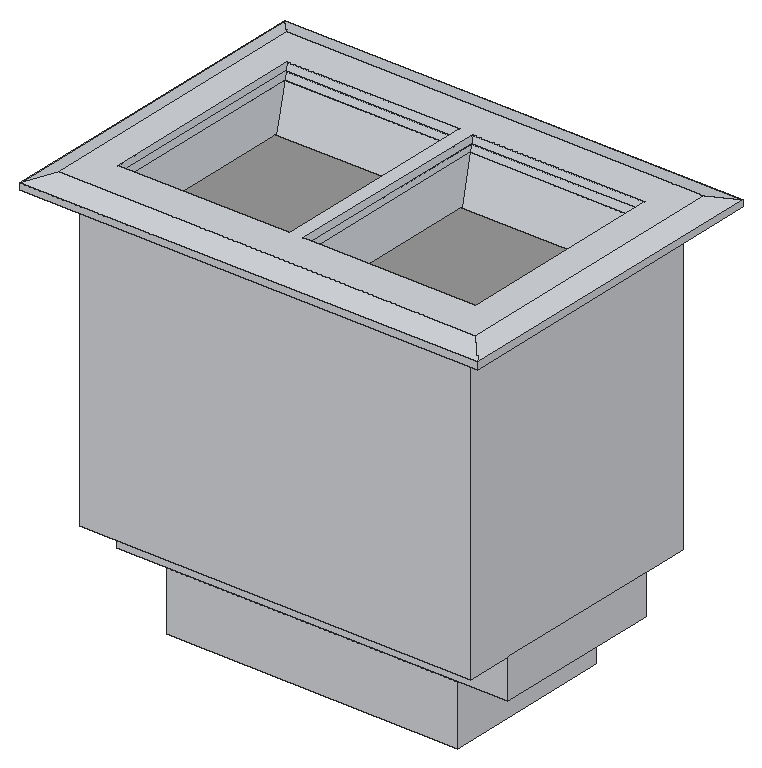
Revit family "2061350 Sylvania Lighting Fixture DOMINO 2xLED 930 BLACK NB TRIM WHITE DALI", category Lighting Fixtures, host Face, Revit 2018
Family settings
  Host = Face
  Round Connector Dimension = Use Diameter
  Part Type = Normal
  OmniClass Number = 23.80.70.00
  OmniClass Title = Lighting
  Cut with Voids When Loaded = No
  Light Source = Yes
  Shared = No
  Room Calculation Point = No
Parameters (values of type "2061350 DOMINO 2XLED 930 BLACK NB TR WHT DALI")
  top top length = 44 mm
  Width = 50 mm
  Weight = "n/a"
  Wattage Comments = ""
  Wattage = 9.2903 W
  WarrantyStartDate [instance] = "n/a"
  WarrantyGuarantorParts = "n/a"
  WarrantyDurationUnit = "n/a"
  WarrantyDurationParts = ""
  WarrantyDescription = "http://www.sylvania-lighting.com"
  built-in parameter 1150110 = 1 (stored number, unit not read)
  Voltage = 0 V
  URL = "0.96"
  TypeName = "DOMINO 2xLED 930 BLACK NB TRIM WHITE DALI"
  Type Image = <None>
  Type Comments = "n/a"
  built-in parameter 1114217 = 1 (stored number, unit not read)
  Top Width = 26 mm
  Tilt Angle = 90.00°
  built-in parameter 1150109 = 1 (stored number, unit not read)
  built-in parameter 1150134 = 3
  built-in parameter 1150113 = 1 (stored number, unit not read)
  SerialNumber [instance] = "n/a"
  Recessed Width = 43 mm
  Recessed Length = 63 mm
  Photometric Web File = "2061350.ies"
  Material_3_FEILO = none
  PowerFactor = 0
  PowerConsumption = "Lighting"
  NominalLength = 50 mm
  NominalHeight = 0 mm
  NominalDepth = 0 mm
  Name = "DOMINO 2xLED 930 BLACK NB TRIM WHITE DALI"
  ModelReference = Name  # "DOMINO 2xLED 930 BLACK NB TRIM WHITE DALI"
  ModelNumber = "2061350"
  Model = Name  # "DOMINO 2xLED 930 BLACK NB TRIM WHITE DALI"
  Material = "Feilo Sylvania"
  ManufacturerName = "55 lm/W"
  Manufacturer = ""
  LuminousEfficacy = ""
  built-in parameter 1150105 = 109.82 (stored number, unit not read)
  Lumens = 1380 lm
  LuminaireType = "0"
  built-in parameter 1150115 = 1 (stored number, unit not read)
  LightOutputRatio = "LED"
  built-in parameter 1150137 = (empty or 0)
  built-in parameter 1150139 = (empty or 0)
  Lens Width = 32 mm
  Lens = Glass, White, High Luminance
  Length = 69 mm
  LampsType = Lamp  # "n/a"
  LampNominalLuminous = "3000 K"
  LampMacAdamStep = "90"
  LampColourTemperature = "LED"
  LampColourRenderingIndex = "16500"
  built-in parameter 1150112 = 1 (stored number, unit not read)
  built-in parameter 1150114 = 1 (stored number, unit not read)
  Lamp = "n/a"
  Keynote = "n/a"
  InstallationDate [instance] = "n/a"
  InputVoltage = "0"
  InputNominalFrequency = "3000"
  built-in parameter 1150132 = (empty or 0)
  built-in parameter 1150102 = (empty or 0)
  built-in parameter 1150107 = 3200 (stored number, unit not read)
  built-in parameter 1150138 = (empty or 0)
  IngressProtection = "IfcLightFixtureType"
  ImpactProtectionIndex = "IfcLightFixtureType"
  built-in parameter 1150106 = 1.0982 (stored number, unit not read)
  IfcExportType = "IfcLightFixtureType"
  IfcExportAs = "Class II"
  Facia internal width = 37 mm
  Facia internal length = 56 mm
  Facia Height = 2 mm
  ExpectedLife = 50000
  Emit from Circle Diameter = 609.6 mm
  Emit Shape Visible in Rendering = no
  ElectricShockClassification = "55"
  built-in parameter 1150104 = 13.8 (stored number, unit not read)
  DurationUnit = "hours"
  DocumentationLiterature = "http://www.sylvania-lighting.com/product/en-int/products/2061350"
  DimmingControlOptions = "n/a"
  Material_2_FEILO = none
  Dimming Lamp Color Temperature Shift = <None>
  Description = "Modular LED recessed linear spotlight, ideal for retail and hospitality applications. Die-cast aluminium body, passive cooling. Two levels of reflector installation, low glaring UGR<16. 2x LED source, 15° beam angle , optics: PMMA lens and polycarbonate reflector combination, Black matt reflector finish. Light color temperature: 3000K warm white, total system power: 6W , total fixture lumen output: 325lm, efficacy: 55 lm/W, Ra90 typical, LED chromacity: 3 step MacAdam ellipse (SDCM3), lifespan: 96,000 hours at 90% of the original output (L90B10), IR/UV free light source without heat radiation, operating voltage: 220-240V / 50-60Hz, electronic driver, ultra low flicker, DALI , electrical protection: Class II. Degree of Protection: IP40/IP20, suitable for indoor environment only. Ceiling cut-out: 43x43mm, outer dimensions:  70x50mm trim frame RAL 9016 - Traffic white / Bezel color.5 years Warranty."
  Default Elevation = 1219.2 mm
  CreatedOn = "10/02/2021"
  CreatedBy = "harvey.smart@sylvania-lighting.com"
  Cost = 0
  Color Filter = 16777215
  built-in parameter 1114216 [instance] = (empty or 0)
  ClassificationValue = "EF_70_80"
  ClassificationName = "Uniclass2015"
  Material_1_FEILO = none
  Body Width = 40 mm
  Body Length = 59 mm
  BarCode [instance] = "n/a"
  built-in parameter 1114218 = 1 (stored number, unit not read)
  built-in parameter 1150133 = 10 (stored number, unit not read)
  AssetType = "Fixed"
  AssetIdentifier [instance] = "n/a"
  Assembly Code = "D5020200"
  Apparent Load = 6 VA
  Material_4_FEILO = none
Reference planes
  plane 1 "Center (Front/Back)": y = 0
  plane 2: z = 0
  plane 3 "Center (Left/Right)": x = 0
  plane 4: z = 0
  plane 5: z = -7
  plane 6: z = -45.895
  plane 7: z = -51.895
  plane 8: z = -60.895
  plane 9: x = -31.5
  plane 10: x = 31.5
  plane 11: y = 21.5
  plane 12: y = -21.5
  plane 13: x = -34.5
  plane 14: x = 34.5
  plane 15: y = 25
  plane 16: y = -25
  plane 17: x = 28
  plane 18: x = -28
  plane 19: y = 18.5
  plane 20: y = -18.5
  plane 21: z = 2
  plane 22: x = -29.5
  plane 23: x = 29.5
  plane 24: y = 20
  plane 25: y = -20
  plane 26: y = 13
  plane 27: y = -13
  plane 28: x = 22
  plane 29: y = 16
  plane 30: y = -16
  plane 31: x = -27
  plane 32: x = -1
  plane 33: x = -26
  plane 34: x = -2
  plane 35: y = 12.5
  plane 36: y = -12.5
  plane 37: x = 27
  plane 38: x = 1
  plane 39: x = 2
  plane 40: x = 26.026
Forms (mm)
  Extrusion 1, solid, not visible, detail levels medium+fine
    sketch origin (4.2, 0, 0) x (1, 0, 0) y (0, 1, 0)
      loop
        line (-29.2, 34.5) -> (-29.2, -34.5) -> (20.8, -34.5) -> (20.8, 34.5) -> (-29.2, 34.5)
    from 0 to 1
  Extrusion 2, solid, not visible, detail levels medium+fine
    sketch origin (4.044, 0, 0) x (1, 0, 0) y (0, 1, 0)
      loop
        line (-29.2, 34.5) -> (-29.2, -34.5) -> (20.8, -34.5) -> (20.8, 34.5) -> (-29.2, 34.5)
    from 0 to 1
  Blend 3, solid, not visible, detail levels medium+fine
    base sketch origin (4.2, 0, 0) x (1, 0, 0) y (0, 1, 0)
      loop
        line (-29.2, 34.5) -> (-29.2, -34.5) -> (20.8, -34.5) -> (20.8, 34.5) -> (-29.2, 34.5)
    top sketch origin (4.2, 0, 0) x (1, 0, 0) y (0, 1, 0)
      loop
        line (-21.7, 28) -> (-21.7, -28) -> (13.3, -28) -> (13.3, 28) -> (-21.7, 28)
    from 1 to 3
  Extrusion 4, solid, not visible, detail levels medium+fine
    sketch origin (3.419, 0, 0) x (1, 0, 0) y (0, 1, 0)
      loop
        line (-29.2, 34.5) -> (-29.2, -34.5) -> (20.8, -34.5) -> (20.8, 34.5) -> (-29.2, 34.5)
    from 0 to 1
  Blend 5, solid, not visible, detail levels medium+fine
    base sketch origin (3.575, 0, 0) x (1, 0, 0) y (0, 1, 0)
      loop
        line (-29.2, 34.5) -> (-29.2, -34.5) -> (20.8, -34.5) -> (20.8, 34.5) -> (-29.2, 34.5)
    top sketch origin (3.575, 0, 0) x (1, 0, 0) y (0, 1, 0)
      loop
        line (-21.7, 28) -> (-21.7, -28) -> (13.3, -28) -> (13.3, 28) -> (-21.7, 28)
    from 1 to 3
  Extrusion 6, solid, not visible, detail levels medium+fine
    sketch origin (4.247, 0, 0) x (1, 0, 0) y (0, 1, 0)
      loop
        line (-29.2, 34.5) -> (-29.2, -34.5) -> (20.8, -34.5) -> (20.8, 34.5) -> (-29.2, 34.5)
    from 0 to 1
  Blend 7, solid, not visible, detail levels medium+fine
    base sketch origin (4.403, 0, 0) x (1, 0, 0) y (0, 1, 0)
      loop
        line (-29.2, 34.5) -> (-29.2, -34.5) -> (20.8, -34.5) -> (20.8, 34.5) -> (-29.2, 34.5)
    top sketch origin (4.403, 0, 0) x (1, 0, 0) y (0, 1, 0)
      loop
        line (-21.7, 28) -> (-21.7, -28) -> (13.3, -28) -> (13.3, 28) -> (-21.7, 28)
    from 1 to 3
  Extrusion 8, void, detail levels medium+fine
    sketch origin (4.2, 0, 0) x (0, 1, 0) y (1, 0, 0)
      loop
        line (21.5, -35.7) -> (21.5, 27.3) -> (-21.5, 27.3) -> (-21.5, -35.7) -> (21.5, -35.7)
    from -9.934 to 83.097
  Extrusion 9, solid, detail levels medium+fine
    sketch origin (4.2, 0, 0) x (1, 0, 0) y (0, 1, 0)
      loop
        line (-38.7, 25) -> (-38.7, -25) -> (30.3, -25) -> (30.3, 25) -> (-38.7, 25)
    from 0 to 1
  Blend 10, solid, detail levels medium+fine
    base sketch origin (4.2, 0, 0) x (1, 0, 0) y (0, 1, 0)
      loop
        line (-38.7, 25) -> (-38.7, -25) -> (30.3, -25) -> (30.3, 25) -> (-38.7, 25)
    top sketch origin (4.2, 0, 0) x (1, 0, 0) y (0, 1, 0)
      loop
        line (-35.7, 21.5) -> (-35.7, -21.5) -> (27.3, -21.5) -> (27.3, 21.5) -> (-35.7, 21.5)
    from 1 to 2
  Extrusion 11, solid, detail levels medium+fine
    sketch origin (4.2, 0, 0) x (1, 0, 0) y (0, 1, 0)
      loop
        line (-33.7, 20) -> (-33.7, -20) -> (25.3, -20) -> (25.3, 20) -> (-33.7, 20)
    from 0 to -45.895
  Extrusion 12, solid, detail levels medium+fine
    sketch origin (4.2, 0, 0) x (1, 0, 0) y (0, 1, 0)
      loop
        line (-33.7, 13) -> (-33.7, -13) -> (25.3, -13) -> (25.3, 13) -> (-33.7, 13)
    from -51.895 to -45.895
  Extrusion 13, solid, detail levels fine
    sketch origin (4.2, 0, 0) x (1, 0, 0) y (0, 1, 0)
      loop
        line (-26.2, 13) -> (-26.2, -13) -> (17.8, -13) -> (17.8, 13) -> (-26.2, 13)
    from -60.895 to -51.895
  Blend 14, void, detail levels medium+fine
    base sketch origin (4.2, 0, 0) x (0, 1, 0) y (-1, 0, 0)
      loop
        line (16, 31.2) -> (-16, 31.2) -> (-16, 5.2) -> (16, 5.2) -> (16, 31.2)
    top sketch origin (4.2, 0, 0) x (0, 1, 0) y (-1, 0, 0)
      loop
        line (12.5, 30.2) -> (-12.5, 30.2) -> (-12.5, 6.2) -> (12.5, 6.2) -> (12.5, 30.2)
    from 2 to -7
  Blend 15, void, detail levels medium+fine
    base sketch origin (4.2, 0, 0) x (0, 1, 0) y (-1, 0, 0)
      loop
        line (16, 3.2) -> (-16, 3.2) -> (-16, -22.8) -> (16, -22.8) -> (16, 3.2)
    top sketch origin (4.2, 0, 0) x (0, 1, 0) y (-1, 0, 0)
      loop
        line (12.5, 2.2) -> (-12.5, 2.2) -> (-12.5, -21.826) -> (12.5, -21.826) -> (12.5, 2.2)
    from 2 to -7
  Extrusion 16, solid, material "Glass, White, High Luminance" <- "Lens", detail levels fine
    sketch origin (0, 1219.2, 38) x (1, 0, 0) y (0, 1, 0)
      loop
        line (-26, -1206.7) -> (-26, -1231.7) -> (-2, -1231.7) -> (-2, -1206.7) -> (-26, -1206.7)
    from -45 to -44
  Extrusion 17, solid, material "Glass, White, High Luminance" <- "Lens", detail levels fine
    sketch origin (4.2, 0, 0) x (1, 0, 0) y (0, 1, 0)
      loop
        line (-2.2, 12.5) -> (-2.2, -12.5) -> (21.826, -12.5) -> (21.826, 12.5) -> (-2.2, 12.5)
    from -7 to -6
  Extrusion 18, solid, detail levels coarse
    sketch origin (0, 1219.2, 38) x (1, 0, 0) y (0, 1, 0)
      loop
        line (34.5, -1194.2) -> (-34.5, -1194.2) -> (-34.5, -1244.2) -> (34.5, -1244.2) -> (34.5, -1194.2)
    from -36 to -98.895
Cuts and joins
  Blend 14, Blend 15 cuts Extrusion 9
  Blend 14, Blend 15 cuts Blend 10
  Blend 14, Blend 15 cuts Extrusion 11
Dimensions and locks
  "Recessed Length": plane 9 to plane 10
  equal spacing: plane 9, plane 3 "Center (Left/Right)", plane 10
  "Length": plane 13 to plane 14
  equal spacing: plane 13, plane 3 "Center (Left/Right)", plane 14
  "Recessed Width": plane 11 to plane 12
  equal spacing: plane 11, plane 1 "Center (Front/Back)", plane 12
  "Width": plane 15 to plane 16
  equal spacing: plane 15, plane 1 "Center (Front/Back)", plane 16
  "Facia internal length": plane 18 to plane 17
  equal spacing: plane 18, plane 3 "Center (Left/Right)", plane 17
  "Facia internal width": plane 19 to plane 20
  equal spacing: plane 19, plane 1 "Center (Front/Back)", plane 20
  "Facia Height": plane 21 to host face
  "Body Length": plane 22 to plane 23
  equal spacing: plane 22, plane 3 "Center (Left/Right)", plane 23
  "Body Width": plane 24 to plane 25
  equal spacing: plane 24, plane 1 "Center (Front/Back)", plane 25
  "Top Width": plane 26 to plane 27
  equal spacing: plane 26, plane 1 "Center (Front/Back)", plane 27
  plane 3 "Center (Left/Right)" to plane 28 = 22 mm
  "Lens Width": plane 29 to plane 30
  equal spacing: plane 29, plane 1 "Center (Front/Back)", plane 30
  aligned and locked: plane 2 to host face
  aligned and locked: level to host face
  aligned and locked: plane 21 to Blend 10
  aligned and locked: Extrusion 9 to Blend 10
  aligned and locked: plane 7 to Extrusion 13
  aligned and locked: Extrusion 12 to plane 7
  aligned and locked: Extrusion 11 to plane 6
  aligned and locked: Blend 14 to plane 5
  aligned and locked: plane 21 to Blend 14
  aligned and locked: Blend 15 to plane 5
  aligned and locked: plane 21 to Blend 15
Automatic sketch dimensions
  host sketch curve to host sketch curve = 2438.4 mm  (x2)
  Extrusion 1 sketch curve to Extrusion 1 sketch curve = 50 mm
  Extrusion 1 sketch curve to Extrusion 1 sketch curve = 69 mm
  Extrusion 2 sketch curve to Extrusion 2 sketch curve = 50 mm
  Extrusion 2 sketch curve to Extrusion 2 sketch curve = 69 mm
  Blend 3 sketch curve to Blend 3 sketch curve = 50 mm
  Blend 3 sketch curve to Blend 3 sketch curve = 69 mm
  Blend 3 sketch curve to Blend 3 sketch curve = 35 mm
  Blend 3 sketch curve to Blend 3 sketch curve = 56 mm
  Extrusion 4 sketch curve to Extrusion 4 sketch curve = 50 mm
  Extrusion 4 sketch curve to Extrusion 4 sketch curve = 69 mm
  Blend 5 sketch curve to Blend 5 sketch curve = 50 mm
  Blend 5 sketch curve to Blend 5 sketch curve = 69 mm
  Blend 5 sketch curve to Blend 5 sketch curve = 35 mm
  Blend 5 sketch curve to Blend 5 sketch curve = 56 mm
  Extrusion 6 sketch curve to Extrusion 6 sketch curve = 50 mm
  Extrusion 6 sketch curve to Extrusion 6 sketch curve = 69 mm
  Blend 7 sketch curve to Blend 7 sketch curve = 50 mm
  Blend 7 sketch curve to Blend 7 sketch curve = 69 mm
  Blend 7 sketch curve to Blend 7 sketch curve = 35 mm
  Blend 7 sketch curve to Blend 7 sketch curve = 56 mm
  Extrusion 8 sketch curve to plane 9 = 0 mm
  Extrusion 8 sketch curve to plane 12 = 0 mm
  Extrusion 8 sketch curve to plane 11 = 0 mm
  Extrusion 8 sketch curve to plane 10 = 0 mm
  Extrusion 9 sketch curve to plane 13 = 0 mm
  Extrusion 9 sketch curve to plane 14 = 0 mm
  Extrusion 9 sketch curve to plane 16 = 0 mm
  Extrusion 9 sketch curve to plane 15 = 0 mm
  Blend 10 sketch curve to plane 13 = 0 mm
  Blend 10 sketch curve to plane 14 = 0 mm
  Blend 10 sketch curve to plane 16 = 0 mm
  Blend 10 sketch curve to plane 15 = 0 mm
  Blend 10 sketch curve to plane 9 = 0 mm
  Blend 10 sketch curve to plane 10 = 0 mm
  Blend 10 sketch curve to plane 12 = 0 mm
  Blend 10 sketch curve to plane 11 = 0 mm
  Extrusion 11 sketch curve to plane 22 = 0 mm
  Extrusion 11 sketch curve to plane 23 = 0 mm
  Extrusion 11 sketch curve to plane 25 = 0 mm
  Extrusion 11 sketch curve to plane 24 = 0 mm
  Extrusion 12 sketch curve to plane 22 = 0 mm
  Extrusion 12 sketch curve to plane 23 = 0 mm
  Extrusion 12 sketch curve to plane 27 = 0 mm
  Extrusion 12 sketch curve to plane 26 = 0 mm
  Extrusion 13 sketch curve to plane 27 = 0 mm
  Extrusion 13 sketch curve to plane 28 = 0 mm
  Extrusion 13 sketch curve to plane 26 = 0 mm
  plane 18 to Extrusion 13 sketch curve = 6 mm
  Blend 14 sketch curve to plane 30 = 0 mm
  Blend 14 sketch curve to plane 29 = 0 mm
  Blend 14 sketch curve to plane 32 = 0 mm
  Blend 14 sketch curve to plane 31 = 0 mm
  Blend 14 sketch curve to plane 33 = 0 mm
  Blend 14 sketch curve to plane 36 = 0 mm
  Blend 14 sketch curve to plane 35 = 0 mm
  Blend 14 sketch curve to plane 34 = 0 mm
  Blend 15 sketch curve to plane 30 = 0 mm
  Blend 15 sketch curve to plane 29 = 0 mm
  Blend 15 sketch curve to plane 37 = 0 mm
  Blend 15 sketch curve to plane 38 = 0 mm
  Blend 15 sketch curve to plane 36 = 0 mm
  Blend 15 sketch curve to plane 35 = 0 mm
  Blend 15 sketch curve to plane 40 = 0 mm
  Blend 15 sketch curve to plane 39 = 0 mm
  plane 31 to Extrusion 16 sketch curve = 1 mm
  Extrusion 16 sketch curve to plane 11 = 9 mm
  Extrusion 16 sketch curve to plane 34 = 0 mm
  plane 1 "Center (Front/Back)" to Extrusion 16 sketch curve = 12.5 mm
  Extrusion 17 sketch curve to plane 36 = 0 mm
  Extrusion 17 sketch curve to plane 39 = 0 mm
  Extrusion 17 sketch curve to plane 40 = 0 mm
  Extrusion 17 sketch curve to plane 35 = 0 mm
  Extrusion 18 sketch curve to plane 33 = 8.5 mm
  plane 14 to Extrusion 18 sketch curve = 0 mm
  plane 16 to Extrusion 18 sketch curve = 50 mm
  Extrusion 18 sketch curve to plane 36 = 12.5 mm
